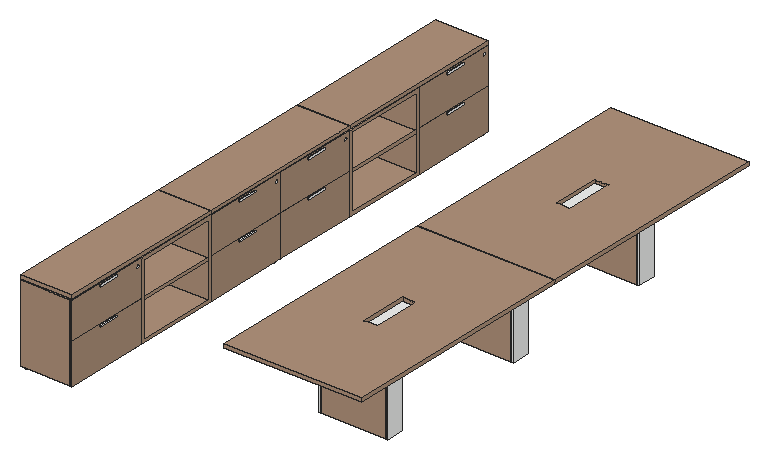
Revit family "Expansion_Casegoods-Meeting_04-Teknion-R2019", category Furniture Systems, Revit 2019
Family settings
  Round Connector Dimension = Use Diameter
  Part Type = Normal
  OmniClass Number = 23.40.70.14.64.21
  OmniClass Title = Systems Furniture
  Work Plane-Based = No
  Always vertical = Yes
  Cut with Voids When Loaded = No
  Shared = Yes
  Room Calculation Point = No
Parameters (values of type "Meeting 04")
  Warranty = "http://www.teknion.com/ca/papers/legal-canada"
  Unit Weight URL = "http://www.teknion.com/ca/tools/assets#&asset=bee6a381-b954-425e-8283-5a2de3a804f2,f828d448-4b62-4231-9e5f-9a8991c0ed77"
  URL = "www.teknion.com"
  To render please download texture images found here [instance] = "https://assets.teknion.com/web/5e81352c1dfdb467/revit-material-swatches/"
  Sustainability Data = "https://www.teknion.com/ca/tools/assets#&topic=216f99a5-57a0-44fc-b10a-9dee9b29ae4c&asset=444deb64-fe58-4b68-981e-f75e97781df7,b4ff2d81-9f2e-437d-9659-7cffb09c31cf"
  Series = "Expansion Casegoods"  # constant formula
  Product Page URL = "https://teknionplanningtool.com/#?Meeting-04-ExpCasegoods"
  Product Line = "Expansion Casegoods"  # constant formula
  Model = "Expansion Casegoods Meeting 04 Layout"
  Material Finish Note [instance] = "Click on Edit Family to change the finishes."  # constant formula
  Manufacturer Phone = "416-661-3370"  # constant formula
  Manufacturer Fax = "416.661.4586"  # constant formula
  Manufacturer Contact Information = "http://www.teknion.com/ca/contactus"
  Manufacturer Address = "1150 Flint Road, Toronto, ON. M3J 2J5. Canada"  # constant formula
  Manufacturer = "Teknion"  # constant formula
  How To Use Teknion Materials User Guide [instance] = "https://assets.teknion.com/m/205dd0a49fa58060/original/How-to-add-a-Material-Library-and-Texture-Images-to-your-Revit-project.pdf"
  For Additional Finishes please visit [instance] = "https://assets.teknion.com/m/44a8009b046e5d47/original/Teknion_Materials_Library.zip"
  Description = "10'-6” x 15'-0”"
  Assembly Code = "E2020200"
Reference planes (in)
  plane 1 "Center F/B": y = 14.38431
  plane 2: z = 0
  plane 3 "Center L/R": x = -1.36864
  plane 4 "Top": z = 29
  plane 5: x = -58.72963
  plane 6: y = -75.61569
  plane 7: y = 104.38431
  plane 8: x = 55.99234
Dimensions and locks (in)
  locked: plane 4 "Top" to level at 29
  equal spacing: plane 5, plane 3 "Center L/R", plane 8
  equal spacing: plane 6, plane 1 "Center F/B", plane 7
  aligned and locked: level to plane 2
Nested families (in)
  nested 1: "Storage-Freestanding-Teknion-BSLFS_Lateral_File-R2019" at (-49.72963, -60.61569, 0) x (0, 1, 0) z (0, 0, 1), type "Two Drawers"
    with Width 30.000", To render please download texture images found here "https://assets.teknion.com/web/5e81352c1dfdb467/revit-material-swatches/", Pull Finish Mica - Teknion - V - Satin - Very White, Lateral File Trim Finish Source Laminate - Teknion - 3M - Provincial Oak, How to Add Texture Images to your Revit Project "https://assets.teknion.com/m/205dd0a49fa58060/original/How-to-add-a-Material-Library-and-Texture-Images-to-your-Revit-project.pdf", For Additional Finishes please visit "https://assets.teknion.com/m/44a8009b046e5d47/original/Teknion_Materials_Library.zip", Drawer Front Finish Source Laminate - Teknion - 3M - Provincial Oak, Depth 18.000", Case Finish Source Laminate - Teknion - 3M - Provincial Oak, Available Widths "24, 30, 36 inches.", Available Depths "18, 24 inches.", Actual Height 27.441"
  nested 2: "Storage-Freestanding-Teknion-BSOB_Bookcase-R2019" at (-58.72963, -30.61569, 0) x (0, 1, 0) z (0, 0, 1), type "28" Height"
    with Width 30.000", To render please download texture images found here "https://assets.teknion.com/web/5e81352c1dfdb467/revit-material-swatches/", How To Use Teknion Materials User Guide "https://assets.teknion.com/m/205dd0a49fa58060/original/How-to-add-a-Material-Library-and-Texture-Images-to-your-Revit-project.pdf", For Additional Finishes please visit "https://assets.teknion.com/m/44a8009b046e5d47/original/Teknion_Materials_Library.zip", Depth 18.000", Case Finish Source Laminate - Teknion - 3M - Provincial Oak, Available Widths "24\", 30\", or 36\"", Available Depths "12\", 18\", 20\", or 24\""
  nested 3: "Storage-Freestanding-Teknion-BSLFS_Lateral_File-R2019" at (-49.72963, -0.61569, 0) x (0, 1, 0) z (0, 0, 1), type "Two Drawers"
    with Width 30.000", To render please download texture images found here "https://assets.teknion.com/web/5e81352c1dfdb467/revit-material-swatches/", Pull Finish Mica - Teknion - V - Satin - Very White, Lateral File Trim Finish Source Laminate - Teknion - 3M - Provincial Oak, How to Add Texture Images to your Revit Project "https://assets.teknion.com/m/205dd0a49fa58060/original/How-to-add-a-Material-Library-and-Texture-Images-to-your-Revit-project.pdf", For Additional Finishes please visit "https://assets.teknion.com/m/44a8009b046e5d47/original/Teknion_Materials_Library.zip", Drawer Front Finish Source Laminate - Teknion - 3M - Provincial Oak, Depth 18.000", Case Finish Source Laminate - Teknion - 3M - Provincial Oak, Available Widths "24, 30, 36 inches.", Available Depths "18, 24 inches.", Actual Height 27.441"
  nested 4: "Storage-Freestanding-Teknion-BSLFS_Lateral_File-R2019" at (-49.72963, 29.38431, 0) x (0, 1, 0) z (0, 0, 1), type "Two Drawers"
    with Width 30.000", To render please download texture images found here "https://assets.teknion.com/web/5e81352c1dfdb467/revit-material-swatches/", Pull Finish Mica - Teknion - V - Satin - Very White, Lateral File Trim Finish Source Laminate - Teknion - 3M - Provincial Oak, How to Add Texture Images to your Revit Project "https://assets.teknion.com/m/205dd0a49fa58060/original/How-to-add-a-Material-Library-and-Texture-Images-to-your-Revit-project.pdf", For Additional Finishes please visit "https://assets.teknion.com/m/44a8009b046e5d47/original/Teknion_Materials_Library.zip", Drawer Front Finish Source Laminate - Teknion - 3M - Provincial Oak, Depth 18.000", Case Finish Source Laminate - Teknion - 3M - Provincial Oak, Available Widths "24, 30, 36 inches.", Available Depths "18, 24 inches.", Actual Height 27.441"
  nested 5: "Storage-Freestanding-Teknion-BSOB_Bookcase-R2019" at (-58.72963, 59.38431, 0) x (0, 1, 0) z (0, 0, 1), type "28" Height"
    with Width 30.000", To render please download texture images found here "https://assets.teknion.com/web/5e81352c1dfdb467/revit-material-swatches/", How To Use Teknion Materials User Guide "https://assets.teknion.com/m/205dd0a49fa58060/original/How-to-add-a-Material-Library-and-Texture-Images-to-your-Revit-project.pdf", For Additional Finishes please visit "https://assets.teknion.com/m/44a8009b046e5d47/original/Teknion_Materials_Library.zip", Depth 18.000", Case Finish Source Laminate - Teknion - 3M - Provincial Oak, Available Widths "24\", 30\", or 36\"", Available Depths "12\", 18\", 20\", or 24\""
  nested 6: "Storage-Freestanding-Teknion-BSLFS_Lateral_File-R2019" at (-49.72963, 89.38431, 0) x (0, 1, 0) z (0, 0, 1), type "Two Drawers"
    with Width 30.000", To render please download texture images found here "https://assets.teknion.com/web/5e81352c1dfdb467/revit-material-swatches/", Pull Finish Mica - Teknion - V - Satin - Very White, Lateral File Trim Finish Source Laminate - Teknion - 3M - Provincial Oak, How to Add Texture Images to your Revit Project "https://assets.teknion.com/m/205dd0a49fa58060/original/How-to-add-a-Material-Library-and-Texture-Images-to-your-Revit-project.pdf", For Additional Finishes please visit "https://assets.teknion.com/m/44a8009b046e5d47/original/Teknion_Materials_Library.zip", Drawer Front Finish Source Laminate - Teknion - 3M - Provincial Oak, Depth 18.000", Case Finish Source Laminate - Teknion - 3M - Provincial Oak, Available Widths "24, 30, 36 inches.", Available Depths "18, 24 inches.", Actual Height 27.441"
  nested 7: "Storage-Freestanding-Teknion-B_STR_Top for Solid-R2019" at (-49.72963, -63.61569, 27.441) x (0, 1, 0) z (0, 0, 1), type "1-3/6" Thick WS"
    with Width 60.000", Finish Source Laminate - Teknion - 3M - Provincial Oak (Cross Grain), Depth 18.000", Available Widths "15, 24, 30, 31, 36, 42, 48, 54, 60, 66, 72, 78, or 84 inches.", Available Depths "12, 18, 22, 24, 30 inches."
  nested 8: "Storage-Freestanding-Teknion-B_STR_Top for Solid-R2019" at (-49.72963, -3.61569, 27.441) x (0, 1, 0) z (0, 0, 1), type "1-3/6" Thick WS"
    with Width 60.000", Finish Source Laminate - Teknion - 3M - Provincial Oak (Cross Grain), Depth 18.000", Available Widths "15, 24, 30, 31, 36, 42, 48, 54, 60, 66, 72, 78, or 84 inches.", Available Depths "12, 18, 22, 24, 30 inches."
  nested 9: "Storage-Freestanding-Teknion-B_STR_Top for Solid-R2019" at (-49.72963, 56.38431, 27.441) x (0, 1, 0) z (0, 0, 1), type "1-3/6" Thick WS"
    with Width 60.000", Finish Source Laminate - Teknion - 3M - Provincial Oak (Cross Grain), Depth 18.000", Available Widths "15, 24, 30, 31, 36, 42, 48, 54, 60, 66, 72, 78, or 84 inches.", Available Depths "12, 18, 22, 24, 30 inches."
  nested 10: "Tables-Meeting-Teknion-BC_CHP_Height_Adjustable_Conference_Table_Panel_Bases-R2019" at (32.11234, 12.53324, 0) x (0, 1, 0) z (0, 0, 1), type "1 3/16" Worksurface Thickness, Standard Range, 48" Depth"
    with Worksurface Finish Source Laminate - Teknion - 3M - Provincial Oak (Cross Grain), Width 168.000", Two Sections no, To render please download texture images found here "https://assets.teknion.com/web/5e81352c1dfdb467/revit-material-swatches/", Three Sections yes, Support Finish Paint - Teknion - Mica - Very White, Straight Corner yes, Round Corner Offset 0.500", Radius Corner no, Power Pill Quad no, Power Pill Cut-Out Options "Select one of the options below. Linear Power Module Extended 18\" is not available with 156\" and 168\" Width options.", Power 0.500", No Cut-Out no, Linear Power Module Standard 18" yes, Linear Power Module Extended  28" no, Linear 28 0.500", Linear 18 4.000", Leg Offset 29.112", How To Use Teknion Materials User Guide "https://assets.teknion.com/m/205dd0a49fa58060/original/How-to-add-a-Material-Library-and-Texture-Images-to-your-Revit-project.pdf", Height 29.000", For Additional Finishes please visit "https://assets.teknion.com/m/44a8009b046e5d47/original/Teknion_Materials_Library.zip", Corner Detail Option "Select one of the options below", Base Infill Finish Source Laminate - Teknion - 3M - Provincial Oak, Available Widths "108\", 120\", 132\", 144\", 156\", or 168\"", Available Heights "Standard Range - 28\" to 43\"", Actual Width 167.160"
Definition of nested family "Storage-Freestanding-Teknion-BSLFS_Lateral_File-R2019"
  Parameters (values of type "Four Drawers")
    Width [instance] = 24.000"
    Warranty = "http://www.teknion.com/legal/warranty.pdf"
    Unit Weight URL = "http://www.teknion.com/pricing/expansion-casegoods/pdfs/wv.pdf"
    URL = "http://www.teknion.com/"
    Two Drawers Hole Depth = if(or(Two Drawers, Three Drawers, Four Drawers), 2.701", 0.500")  # 2.701"
    Two Drawers = if(or(Three Drawers, Four Drawers), 1 > 2, 1 < 2)  # no
    To render please download texture images found here [instance] = "https://assets.teknion.com/web/5e81352c1dfdb467/revit-material-swatches/"
    Three Drawers Hole Depth = if(or(Three Drawers, Four Drawers), 2.701", 0.500")  # 2.701"
    Three Drawers = no
    Sustainability Data = "http://www.teknion.com/about-teknion/environment/datasheets.asp"
    Second Drawer from Top = or(Three Drawers, Four Drawers)  # yes
    Pull Finish [instance] = none
    Product Page URL = "https://www.teknion.com/ca/products/product-details?productlineid=0053336e-8e7a-673b-a6c8-ff00004460c4"
    Product Line = "Expansion Casegoods"  # constant formula
    Product Documentation Link = "http://www.teknion.com/pricing/expansion-casegoods/pdfs/BSLFS_ppg.pdf"
    Part Number = "BSLFS"  # constant formula
    Model = "BSLFSP18__53"
    Manufacturer Phone = "416-661-3370"
    Manufacturer Fax = "416.661.4586"
    Manufacturer Contact Information = "http://www.teknion.com/contact/contactus.asp"
    Manufacturer Address = "1150 Flint Road, Toronto, ON. M3J 2J5. Canada"
    Manufacturer = "Teknion"  # constant formula
    Lateral File Trim Finish [instance] = none
    How to Add Texture Images to your Revit Project [instance] = "https://assets.teknion.com/m/205dd0a49fa58060/original/How-to-add-a-Material-Library-and-Texture-Images-to-your-Revit-project.pdf"
    Four Drawers = yes
    Four Drawer Hole Depth = if(Four Drawers, 2.701", 0.500")  # 2.701"
    For Additional Finishes please visit [instance] = "https://assets.teknion.com/m/44a8009b046e5d47/original/Teknion_Materials_Library.zip"
    Drawer Front Finish [instance] = none
    Description = "Lateral File, Pulls, Four Drawers, 18\" Depth, 53\" Height"
    Depth [instance] = 18.000"
    Case Finish [instance] = none
    Available Widths [instance] = "24, 30, 36 inches."  # constant formula
    Available Depths [instance] = if(Two Drawers, "18, 24 inches.", "18 inches.")  # "18 inches."
    Assembly Code = "E2020200"
    Actual Height [instance] = if(Two Drawers, 27.441", if(Three Drawers, 39.921", if(Four Drawers, 52.402", 27.441")))  # 52.402"
  Types (3): name | Two Drawers | Three Drawers Hole Depth | Three Drawers | Second Drawer from Top | Model | Four Drawers | Four Drawer Hole Depth | Description | Available Depths | Actual Height
    Two Drawers | yes | 0.500" | no | no | "BSLFSP____28" | no | 0.500" | "Lateral File, Pulls, Two Drawers, 28\" Height" | "18, 24 inches." | 27.441"
    Three Drawers | no | 2.701" | yes | yes | "BSLFSP18__40" | no | 0.500" | "Lateral File, Pulls, Three Drawers, 18\" Depth, 40\" Height" | "18 inches." | 39.921"
    Four Drawers | no | 2.701" | no | yes | "BSLFSP18__53" | yes | 2.701" | "Lateral File, Pulls, Four Drawers, 18\" Depth, 53\" Height" | "18 inches." | 52.402"
  Reference planes (in)
    plane 1 "Center F/B": y = 0
    plane 2 "Bottom": z = 0
    plane 3 "Center L/R": x = 0
    plane 4 "Left": x = -12
    plane 5 "Right": x = 12
    plane 6 "Back": y = 9
    plane 7 "Front": y = -9
    plane 8 "Top": z = 52.402
    plane 9: z = 0.60236
    plane 10 "Symbolic Representation Plane": z = 80
    plane 11: z = 14.90157
    plane 12: y = -8.299
    plane 13: y = -11
    plane 14: y = -9.05906
    plane 15: z = 27.38189
    plane 16: z = 39.87533
  Forms (in)
    Sweep 1, solid, material <- "Case Finish"
      path origin (0, 0, 0) x (1, 0, 0) y (0, 0, 1)
        loop
          line (0, 52.402) -> (0, 0.60236)
      profile origin (0, 0, 26.50218) x (0, -1, 0) y (1, 0, 0)
        loop
          line (-9, -12) -> (8.299, -12) -> (8.299, 12) -> (-9, 12) -> (-9, -12)
    Sweep 2, solid, material <- "Drawer Front Finish"
      path origin (0, 0, 0) x (1, 0, 0) y (0, 1, 0)
        loop
          line (12, 0) -> (-12, 0)
      profile origin (0, 0, 0) x (0, -1, 0) y (0, 0, 1)
        loop
          line (9, 0.60236) -> (9, 52.28383) -> (8.299, 52.28383) -> (8.299, 0.60236) -> (9, 0.60236)
    Sweep 3, solid
      path origin (0, 0, 0) x (1, 0, 0) y (0, 0, 1)
        loop
          line (0, 0) -> (0, 0.60236)
      profile origin (0, 0, 0.30118) x (-1, 0, 0) y (0, -1, 0)
        loop
          circle (-10.74, -7.74814) r 0.5
        loop
          circle (-10.74, 7.74808) r 0.5
        loop
          circle (10.74, -7.74814) r 0.5
        loop
          circle (10.74, 7.74808) r 0.5
    Sweep 4, solid, material <- "Pull Finish"
      path origin (0, 0, 0) x (1, 0, 0) y (0, 1, 0)
        loop
          line (0, -9) -> (0, -9.75)
      profile origin (0, -9.375, 0) x (1, 0, 0) y (0, 0, 1)
        loop
          line (-3.5, 14.82332) -> (-3.5, 14.32283) -> (3.5, 14.32283) -> (3.5, 14.82332) -> (-3.5, 14.82332)
        loop
          line (-3.5, 27.30132) -> (-3.5, 26.80315) -> (3.5, 26.80315) -> (3.5, 27.30132) -> (-3.5, 27.30132)
    Extrusion 5, void
      sketch origin (60, -9, 48) x (-1, 0, 0) y (0, 0, 1)
        loop
          line (72, -33.03937) -> (48, -33.03937) -> (48, -33.15748) -> (72, -33.15748) -> (72, -33.03937)
      from 0.701 to -2
    Extrusion 6, void
      sketch origin (60, -9, 60.48031) x (-1, 0, 0) y (0, 0, 1)
        loop
          line (72, -33.03937) -> (48, -33.03937) -> (48, -33.15748) -> (72, -33.15748) -> (72, -33.03937)
      from 0.701 to -2
    Sweep 7, solid, material <- "Pull Finish", visible <- "Second Drawer from Top"
      path origin (0, 0, 12.48) x (1, 0, 0) y (0, 1, 0)
        loop
          line (0, -9) -> (0, -9.75)
      profile origin (0, -9.375, 12.48) x (1, 0, 0) y (0, 0, 1)
        loop
          line (-3.5, 27.30347) -> (-3.5, 26.80529) -> (3.5, 26.80529) -> (3.5, 27.30347) -> (-3.5, 27.30347)
    Extrusion 8, solid, material <- "Pull Finish"
      sketch origin (60, -9, 60.48) x (1, 0, 0) y (0, 0, 1)
        loop
          line (-49.89961, -9.74181) -> (-49.89961, -10.11583) -> (-49.80118, -10.11583) -> (-49.80118, -9.74181) -> (-49.89961, -9.74181)
        loop
          circle (-49.85039, -9.92882) r 0.39512
      from 0 to 0.05906
    Sweep 9, solid, material <- "Pull Finish", visible <- "Four Drawers"
      path origin (0, 0, 24.96) x (1, 0, 0) y (0, 1, 0)
        loop
          line (0, -9) -> (0, -9.75)
      profile origin (0, -9.375, 24.96) x (1, 0, 0) y (0, 0, 1)
        loop
          line (-3.5, 27.30195) -> (-3.5, 26.80378) -> (3.5, 26.80378) -> (3.5, 27.30195) -> (-3.5, 27.30195)
    Extrusion 10, void
      sketch origin (60, -9, 72.96063) x (-1, 0, 0) y (0, 0, 1)
        loop
          line (72, -33.02625) -> (48, -33.02625) -> (48, -33.14436) -> (72, -33.14436) -> (72, -33.02625)
      from 0.701 to -2
  Cuts and joins
    Extrusion 6, Extrusion 10 cuts Sweep 1
    Extrusion 5, Extrusion 6, Extrusion 10 cuts Sweep 2
  Lines and regions (in)
    Masking region 1
      outline origin (0, 0, 52.402) x (-1, 0, 0) y (0, -1, 0)
        loop
          line (12, -9) -> (12, 9) -> (-12, 9) -> (-12, -9) -> (12, -9)
    Masking region 2
      outline origin (0, 0, 52.402) x (-1, 0, 0) y (0, -1, 0)
        loop
          line (3.5, 9.75) -> (-3.5, 9.75) -> (-3.5, 9) -> (3.5, 9) -> (3.5, 9.75)
    Masking region 3
      outline origin (0, 0, 0) x (1, 0, 0) y (0, 1, 0)
        loop
          line (10.54473, -9) -> (9.75448, -9) -> (9.75448, -9.05906) -> (10.54473, -9.05906) -> (10.54473, -9)
    symbolic lines
      curve 1: line (12, -8.299, 52.402) -> (-12, -8.299, 52.402)
    symbolic lines, detail levels fine
      curve 2: arc (-10.24, -7.74808, 0) -> (-10.74, -7.24808, 0) -> (-11.24, -7.74808, 0) r 0.5
      curve 3: arc (-11.24, -7.74808, 0) -> (-10.74, -8.24808, 0) -> (-10.24, -7.74808, 0) r 0.5
      curve 4: arc (-10.24, 7.74814, 0) -> (-10.74, 8.24814, 0) -> (-11.24, 7.74814, 0) r 0.5
      curve 5: arc (-11.24, 7.74814, 0) -> (-10.74, 7.24814, 0) -> (-10.24, 7.74814, 0) r 0.5
      curve 6: arc (11.24, 7.74814, 0) -> (10.74, 8.24814, 0) -> (10.24, 7.74814, 0) r 0.5
      curve 7: arc (10.24, 7.74814, 0) -> (10.74, 7.24814, 0) -> (11.24, 7.74814, 0) r 0.5
      curve 8: arc (11.24, -7.74808, 0) -> (10.74, -7.24808, 0) -> (10.24, -7.74808, 0) r 0.5
      curve 9: arc (10.24, -7.74808, 0) -> (10.74, -8.24808, 0) -> (11.24, -7.74808, 0) r 0.5
    reference lines, not visible
      curve 10: line (-12, 9, 0) -> (12, 9, 0)
      curve 11: line (-12, 9, 0) -> (-12, -9, 0)
      curve 12: line (12, -9, 0) -> (-12, -9, 0)
      curve 13: line (12, 9, 0) -> (12, -9, 0)
  Dimensions and locks (in)
    "Actual Height": plane 8 "Top" to level
    equal spacing: plane 4 "Left", plane 3 "Center L/R", plane 5 "Right"
    "Width": plane 4 "Left" to plane 5 "Right"
    equal spacing: plane 6 "Back", plane 1 "Center F/B", plane 7 "Front"
    "Depth": plane 6 "Back" to plane 7 "Front"
    locked: plane 9 to level at 0.60236
    locked: Sweep 1 sketch curve to plane 7 "Front" at 0.701
    locked: Sweep 2 sketch curve to plane 8 "Top" at 0.11817
    locked: plane 6 "Back" to Sweep 3 sketch curve at 1.25186  (x2)
    locked: Sweep 3 sketch curve to plane 5 "Right" at 1.26  (x2)
    locked: plane 4 "Left" to Sweep 3 sketch curve at 1.26  (x2)
    locked: plane 7 "Front" to Sweep 3 sketch curve at 1.25192  (x2)
    Sweep 4 sketch curve to plane 7 "Front" = 0.750"
    locked: Sweep 4 sketch curve to Sweep 4 sketch curve at 7
    equal spacing: Sweep 4 sketch curve, plane 3 "Center L/R", Sweep 4 sketch curve
    locked: Sweep 4 sketch curve to level at 14.32283
    locked: Sweep 4 sketch curve to level at 14.82332
    locked: Sweep 4 sketch curve to level at 26.80315
    locked: Sweep 4 sketch curve to level at 27.30132
    locked: plane 10 "Symbolic Representation Plane" to level at 80
    plane 11 to plane 2 "Bottom" = 14.90157"
    Extrusion 5 sketch curve to plane 11 to Extrusion 5 sketch curve = 0.05906" locked, 0.05906" locked
    locked: plane 12 to plane 7 "Front" at 0.701
    "Two Drawers Hole Depth": Extrusion 5 to plane 13
    locked: plane 7 "Front" to plane 13 at 2
    locked: plane 14 to plane 7 "Front" at 0.05906
    Extrusion 6 sketch curve to plane 15 to Extrusion 6 sketch curve = 0.05906" locked, 0.05906" locked
    locked: plane 15 to level at 27.38189
    "Three Drawers Hole Depth": Extrusion 6 to plane 13
    Sweep 7 sketch curve to Sweep 7 sketch curve to plane 2 "Bottom" = 0.49817" locked, 39.28529" locked
    Sweep 7 sketch curve to plane 3 "Center L/R" to Sweep 7 sketch curve = 3.500" locked, 3.500" locked
    plane 5 "Right" to Extrusion 8 sketch curve to Extrusion 8 sketch curve to Extrusion 8 sketch curve = 1.80118" locked, 0.04921" locked, 0.04921" locked
    Extrusion 8 sketch curve to Extrusion 8 sketch curve to Extrusion 8 sketch curve to plane 8 "Top" = 0.18701" locked, 0.18701" locked, 1.66381" locked
    Sweep 9 sketch curve to plane 3 "Center L/R" to Sweep 9 sketch curve = 3.500" locked, 3.500" locked
    plane 8 "Top" to Sweep 9 sketch curve to Sweep 9 sketch curve = 0.14005" locked, 0.49817" locked
    Extrusion 10 sketch curve to plane 16 to Extrusion 10 sketch curve = 0.05906" locked, 0.05906" locked
    locked: plane 16 to plane 2 "Bottom" at 39.87533
    "Four Drawer Hole Depth": Extrusion 10 to plane 13
    Masking region 3 sketch curve to Masking region 3 sketch curve to plane 5 "Right" = 0.79025" locked, 1.45527" locked
    aligned and locked: level to plane 2 "Bottom"
    aligned and locked: plane 8 "Top" to Sweep 1 sketch curve
    aligned and locked: plane 9 to Sweep 1 sketch curve
    aligned and locked: Sweep 1 sketch curve to plane 3 "Center L/R"
    aligned and locked: plane 6 "Back" to Sweep 1 sketch curve
    aligned and locked: Sweep 1 sketch curve to plane 4 "Left"
    aligned and locked: plane 5 "Right" to Sweep 1 sketch curve
    aligned and locked: Sweep 2 sketch curve to plane 1 "Center F/B"
    aligned and locked: Sweep 2 sketch curve to plane 7 "Front"
    aligned and locked: level to Sweep 3 sketch curve
    aligned and locked: Sweep 3 sketch curve to Sweep 1
    aligned and locked: plane 3 "Center L/R" to Sweep 3 sketch curve
    aligned and locked: Sweep 4 sketch curve to plane 3 "Center L/R"
    aligned and locked: Sweep 4 sketch curve to Sweep 4 sketch curve  (x2)
    aligned and locked: Masking region 1 sketch curve to Sweep 1  (x2)
    aligned and locked: Masking region 1 sketch curve to Sweep 2
    aligned and locked: curve 1 to Sweep 2
    aligned and locked: plane 5 "Right" to curve 1
    aligned and locked: plane 4 "Left" to curve 1
    aligned and locked: plane 4 "Left" to Extrusion 5 sketch curve
    aligned and locked: Extrusion 5 sketch curve to plane 5 "Right"
    aligned and locked: plane 13 to Extrusion 5
    aligned and locked: plane 4 "Left" to Sweep 2 sketch curve
    aligned and locked: plane 5 "Right" to Sweep 2 sketch curve
    aligned and locked: plane 5 "Right" to Extrusion 6 sketch curve
    aligned and locked: Extrusion 6 to plane 13
    aligned and locked: Extrusion 10 sketch curve to plane 5 "Right"
    aligned and locked: plane 4 "Left" to Extrusion 10 sketch curve
    aligned and locked: plane 4 "Left" to Extrusion 6 sketch curve
    aligned and locked: Extrusion 10 to plane 13
    aligned and locked: curve 2 to Sweep 3
    aligned and locked: curve 3 to Sweep 3
    aligned and locked: curve 4 to Sweep 3
    aligned and locked: curve 5 to Sweep 3
    aligned and locked: curve 6 to Sweep 3
    aligned and locked: curve 7 to Sweep 3
    aligned and locked: curve 8 to Sweep 3
    aligned and locked: curve 9 to Sweep 3
    aligned and locked: plane 14 to Extrusion 8
    aligned and locked: Extrusion 8 to plane 7 "Front"
    aligned and locked: curve 10 to plane 6 "Back"
    aligned and locked: curve 11 to plane 4 "Left"
    aligned and locked: curve 12 to plane 7 "Front"
    aligned and locked: curve 13 to plane 5 "Right"
    aligned and locked: Masking region 3 sketch curve to Extrusion 8  (x2)
    aligned and locked: plane 9 to Sweep 2 sketch curve
  Automatic sketch dimensions
    Sweep 2 sketch curve to Sweep 2 sketch curve = 0.701"
    plane 7 "Front" to Sweep 4 sketch curve = 0.000"
    plane 7 "Front" to Masking region 1 sketch curve = 0.000"
    plane 7 "Front" to Masking region 2 sketch curve = 0.000"
    plane 14 to Masking region 2 sketch curve = 0.69094"
    plane 3 "Center L/R" to Masking region 2 sketch curve = 3.500"
    Masking region 2 sketch curve to plane 3 "Center L/R" = 3.500"
    Sweep 7 sketch curve to plane 3 "Center L/R" = 0.000"
    plane 7 "Front" to Sweep 7 sketch curve = 0.000"
    plane 14 to Sweep 7 sketch curve = 0.69094"
    Sweep 9 sketch curve to plane 3 "Center L/R" = 0.000"
    plane 7 "Front" to Sweep 9 sketch curve = 0.000"
    plane 14 to Sweep 9 sketch curve = 0.69094"
    radius of Sweep 3 sketch curve = 0.500"  (x4)
    radius of Extrusion 8 sketch curve = 0.39512"
Definition of nested family "Storage-Freestanding-Teknion-BSOB_Bookcase-R2019"
  Parameters (values of type "72" Height")
    Width [instance] = 24.000"
    Warranty = "http://www.teknion.com/ca/papers/legal-canada"
    Unit Weight URL = "http://www.teknion.com/ca/tools/assets#&asset=bee6a381-b954-425e-8283-5a2de3a804f2,f828d448-4b62-4231-9e5f-9a8991c0ed77"
    URL = "www.teknion.com"
    To render please download texture images found here [instance] = "https://assets.teknion.com/web/5e81352c1dfdb467/revit-material-swatches/"
    Sustainability Data = "http://www.teknion.com/ca/tools/assets#&topic=216f99a5-57a0-44fc-b10a-9dee9b29ae4c&asset=444deb64-fe58-4b68-981e-f75e97781df7"
    Shelf Offset = if(Height = 39.921", 11.583", if(Height = 52.402", 17.882", if(Height = 65.374", 14.102", if(Height = 71.626", 12.843", 11.583"))))  # 12.843"
    Shelf #4 Visibility = if(or(Height = 27.441", Height = 39.921", Height = 52.402", Height = 65.374"), 1 > 2, 1 < 2)  # yes
    Shelf #3 Visibility = if(or(Height = 27.441", Height = 39.921", Height = 52.402"), 1 > 2, 1 < 2)  # yes
    Shelf #2 Visibility = if(Height = 27.441", 1 > 2, 1 < 2)  # yes
    Series = "Expansion Casegoods"  # constant formula
    Product Page URL = "http://www.teknion.com/ca/products/product-details?productlineid=0053336e-8e7a-673b-a6c8-ff00004460c4"
    Product Line = "Expansion Casegoods"  # constant formula
    Product Documentation Link = "http://www.teknion.com/pricing/expansion-casegoods/pdfs/BSOB_ppg.pdf"
    Part Number = "BSOB"  # constant formula
    Model = "BSOB____72"
    Manufacturer Phone = "416-661-3370"  # constant formula
    Manufacturer Fax = "416.661.4586"  # constant formula
    Manufacturer Contact Information = "http://www.teknion.com/ca/contactus"
    Manufacturer Address = "1150 Flint Road, Toronto, ON. M3J 2J5. Canada"  # constant formula
    Manufacturer = "Teknion"  # constant formula
    How To Use Teknion Materials User Guide [instance] = "https://assets.teknion.com/m/205dd0a49fa58060/original/How-to-add-a-Material-Library-and-Texture-Images-to-your-Revit-project.pdf"
    Height = 71.626"
    For Additional Finishes please visit [instance] = "https://assets.teknion.com/m/44a8009b046e5d47/original/Teknion_Materials_Library.zip"
    Description = "Bookcase, 72\" Height"
    Depth [instance] = 12.000"
    Case Finish [instance] = none
    Available Widths [instance] = "24\", 30\", or 36\""  # constant formula
    Available Depths [instance] = "12\", 18\", 20\", or 24\""  # constant formula
    Assembly Code = "E2020200"
  Types (5): name | Shelf Offset | Shelf #4 Visibility | Shelf #3 Visibility | Shelf #2 Visibility | Model | Height | Description
    72" Height | 12.843" | yes | yes | yes | "BSOB____72" | 71.626" | "Bookcase, 72\" Height"
    28" Height | 11.583" | no | no | no | "BSOB____28" | 27.441" | "Bookcase, 28\" Height"
    40" Height | 11.583" | no | no | yes | "BSOB____40" | 39.921" | "Bookcase, 40\" Height"
    53" Height | 17.882" | no | no | yes | "BSOB____53" | 52.402" | "Bookcase, 53\" Height"
    66" Height | 14.102" | no | yes | yes | "BSOB____66" | 65.374" | "Bookcase, 66\" Height"
  Reference planes (in)
    plane 1 "Back": y = 0
    plane 2: z = 0
    plane 3 "Center Left/Right": x = 0
    plane 4 "Left": x = -12
    plane 5 "Right": x = 12
    plane 6 "Center": y = -6
    plane 7 "Front": y = -12
    plane 8 "Top": z = 71.626
    plane 9: z = 0.60236
    plane 10: z = 1.61811
    plane 11: y = -1.01575
    plane 12: z = 70.61025
    plane 13: x = -10.98425
    plane 14: x = 10.98425
    plane 15: z = 14.72441
    plane 16: z = 13.70866
    plane 17: y = -11.803
    plane 18: z = 28.58316
    plane 19: z = 27.56741
    plane 20: z = 42.44191
    plane 21: z = 41.42616
    plane 22: z = 56.30065
    plane 23: z = 55.28491
  Forms (in)
    Extrusion 1, solid, material <- "Case Finish"
      sketch origin (0, 0, 0) x (1, 0, 0) y (0, 0, 1)
        loop
          line (-12, 71.626) -> (-12, 0.60236) -> (12, 0.60236) -> (12, 71.626) -> (-12, 71.626)
        loop
          line (10.98425, 1.61811) -> (10.98425, 70.61025) -> (-10.98425, 70.61025) -> (-10.98425, 1.61811) -> (10.98425, 1.61811)
      from 0 to 12
    Extrusion 2, solid
      sketch origin (0, 0, 0) x (1, 0, 0) y (0, 1, 0)
        loop
          circle (11.49197, -1.49453) r 0.5
      from 0 to 0.60236
    Extrusion 3, solid, material <- "Case Finish"
      sketch origin (10.92425, -180, 13.70866) x (0, -1, 0) y (-1, 0, 0)
        loop
          line (-168.197, -0.06) -> (-168.197, 21.9085) -> (-178.98425, 21.9085) -> (-178.98425, -0.06) -> (-168.197, -0.06)
      from 0 to -1.01575
    Extrusion 4, solid
      sketch origin (0, -11.9375, 0) x (1, 0, 0) y (0, 1, 0)
        loop
          circle (11.49197, 1.49453) r 0.5
      from 0 to 0.60236
    Extrusion 5, solid
      sketch origin (0, -11.9375, 0) x (-1, 0, 0) y (0, -1, 0)
        loop
          circle (11.49197, -1.49453) r 0.5
      from 0 to 0.60236
    Extrusion 6, solid
      sketch origin (0, 0, 0) x (-1, 0, 0) y (0, -1, 0)
        loop
          circle (11.49197, 1.49453) r 0.5
      from 0 to 0.60236
    Extrusion 7, solid, material <- "Case Finish"
      sketch origin (10.92425, -180, 13.70866) x (0, -1, 0) y (-1, 0, 0)
        loop
          line (-180, 21.9085) -> (-180, -0.06) -> (-178.98425, -0.06) -> (-178.98425, 21.9085) -> (-180, 21.9085)
      from -56.90159 to 12.09055
    Extrusion 8, solid, material <- "Case Finish", visible <- "Shelf #2 Visibility"
      sketch origin (10.92425, -180, 27.56741) x (0, -1, 0) y (-1, 0, 0)
        loop
          line (-168.197, -0.06) -> (-168.197, 21.9085) -> (-178.98425, 21.9085) -> (-178.98425, -0.06) -> (-168.197, -0.06)
      from 0 to -1.01575
    Extrusion 9, solid, material <- "Case Finish", visible <- "Shelf #3 Visibility"
      sketch origin (10.92425, -180, 38.90551) x (0, -1, 0) y (-1, 0, 0)
        loop
          line (-168.197, -0.06) -> (-168.197, 21.9085) -> (-178.98425, 21.9085) -> (-178.98425, -0.06) -> (-168.197, -0.06)
      from -2.52065 to -3.53639
    Extrusion 10, solid, material <- "Case Finish", visible <- "Shelf #4 Visibility"
      sketch origin (10.92425, -180, 51.50394) x (0, -1, 0) y (-1, 0, 0)
        loop
          line (-168.197, -0.06) -> (-168.197, 21.9085) -> (-178.98425, 21.9085) -> (-178.98425, -0.06) -> (-168.197, -0.06)
      from -3.78097 to -4.79672
  Lines and regions (in)
    Masking region 1
      outline origin (10.92425, -180, 13.70866) x (0, -1, 0) y (1, 0, 0)
        loop
          line (-180, 1.07575) -> (-180, -22.92425) -> (-168, -22.92425) -> (-168, 1.07575) -> (-180, 1.07575)
    symbolic lines, detail levels medium+fine
      curve 1: line (-10.98425, 0, 13.70866) -> (-10.98425, -12, 13.70866)
      curve 2: line (10.98425, -12, 13.70866) -> (10.98425, 0, 13.70866)
      curve 3: line (10.98425, -11.803, 13.70866) -> (-10.98425, -11.803, 13.70866)
      curve 4: line (10.98425, -1.01575, 13.70866) -> (-10.98425, -1.01575, 13.70866)
    symbolic lines, detail levels fine
      curve 5: arc (-10.99197, -10.44297, 13.70866) -> (-11.49197, -9.94297, 13.70866) -> (-11.99197, -10.44297, 13.70866) r 0.5
      curve 6: arc (-11.99197, -10.44297, 13.70866) -> (-11.49197, -10.94297, 13.70866) -> (-10.99197, -10.44297, 13.70866) r 0.5
      curve 7: arc (-10.99197, -1.49453, 13.70866) -> (-11.49197, -0.99453, 13.70866) -> (-11.99197, -1.49453, 13.70866) r 0.5
      curve 8: arc (-11.99197, -1.49453, 13.70866) -> (-11.49197, -1.99453, 13.70866) -> (-10.99197, -1.49453, 13.70866) r 0.5
      curve 9: arc (10.99197, -1.49453, 13.70866) -> (11.49197, -1.99453, 13.70866) -> (11.99197, -1.49453, 13.70866) r 0.5
      curve 10: arc (11.99197, -1.49453, 13.70866) -> (11.49197, -0.99453, 13.70866) -> (10.99197, -1.49453, 13.70866) r 0.5
      curve 11: arc (11.99197, -10.44297, 13.70866) -> (11.49197, -9.94297, 13.70866) -> (10.99197, -10.44297, 13.70866) r 0.5
      curve 12: arc (10.99197, -10.44297, 13.70866) -> (11.49197, -10.94297, 13.70866) -> (11.99197, -10.44297, 13.70866) r 0.5
    reference lines
      curve 13: line (-12, 0, 13.70866) -> (-12, -12, 13.70866)
      curve 14: line (12, 0, 13.70866) -> (-12, 0, 13.70866)
      curve 15: line (12, 0, 13.70866) -> (12, -12, 13.70866)
      curve 16: line (-12, -12, 13.70866) -> (12, -12, 13.70866)
  Dimensions and locks (in)
    "Width": plane 4 "Left" to plane 5 "Right"
    plane 6 "Center" to plane 7 "Front" = 6.000"
    "Height": plane 8 "Top" to level
    locked: plane 9 to plane 2 at 0.60236
    locked: plane 11 to plane 1 "Back" at 1.01575
    locked: plane 12 to plane 8 "Top" at 1.01575
    equal spacing: plane 5 "Right", plane 3 "Center Left/Right", plane 4 "Left"
    locked: plane 14 to plane 5 "Right" at 1.01575
    locked: plane 13 to plane 4 "Left" at 1.01575
    equal spacing: plane 7 "Front", plane 6 "Center", plane 1 "Back"
    "Depth": plane 7 "Front" to plane 1 "Back"
    plane 15 to plane 16 to plane 10 = 1.01575" locked, 12.09055" locked
    locked: Extrusion 2 sketch curve to plane 1 "Back" at 1.49453
    locked: Extrusion 2 sketch curve to plane 5 "Right" at 0.50803
    locked: plane 7 "Front" to plane 17 at 0.197
    locked: plane 7 "Front" to Extrusion 4 sketch curve at 1.55703
    locked: Extrusion 4 sketch curve to plane 5 "Right" at 0.50803
    locked: plane 7 "Front" to Extrusion 5 sketch curve at 1.55703
    locked: plane 4 "Left" to Extrusion 5 sketch curve at 0.50803
    locked: plane 4 "Left" to Extrusion 6 sketch curve at 0.50803
    locked: Extrusion 6 sketch curve to plane 1 "Back" at 1.49453
    equal spacing: plane 4 "Left", plane 3 "Center Left/Right", plane 5 "Right"
    locked: plane 18 to plane 19 at 1.01575
    "Shelf Offset": plane 19 to plane 15
    locked: plane 20 to plane 21 at 1.01575
    locked: plane 22 to plane 23 at 1.01575
    "Shelf Offset": plane 23 to plane 20
    "Shelf Offset": plane 21 to plane 18
    aligned and locked: level to plane 2
    aligned and locked: Extrusion 1 sketch curve to plane 4 "Left"
    aligned and locked: Extrusion 1 sketch curve to plane 8 "Top"
    aligned and locked: plane 5 "Right" to Extrusion 1 sketch curve
    aligned and locked: Extrusion 1 sketch curve to plane 9
    aligned and locked: Extrusion 1 sketch curve to plane 14
    aligned and locked: Extrusion 1 sketch curve to plane 12
    aligned and locked: Extrusion 1 sketch curve to plane 13
    aligned and locked: Extrusion 1 sketch curve to plane 10
    aligned and locked: Extrusion 1 to plane 1 "Back"
    aligned and locked: Extrusion 1 to plane 7 "Front"
    aligned and locked: Extrusion 2 to plane 2
    aligned and locked: Extrusion 2 to plane 9
    aligned and locked: plane 17 to Extrusion 3 sketch curve
    aligned and locked: plane 13 to Extrusion 3 sketch curve
    aligned and locked: plane 11 to Extrusion 3 sketch curve
    aligned and locked: plane 14 to Extrusion 3 sketch curve
    aligned and locked: Extrusion 3 to plane 15
    aligned and locked: plane 16 to Extrusion 3
    aligned and locked: plane 13 to Extrusion 7 sketch curve
    aligned and locked: plane 1 "Back" to Extrusion 7 sketch curve
    aligned and locked: plane 11 to Extrusion 7 sketch curve
    aligned and locked: plane 14 to Extrusion 7 sketch curve
    aligned and locked: Extrusion 7 to plane 12
    aligned and locked: plane 10 to Extrusion 7
    aligned and locked: Extrusion 6 to plane 9
    aligned and locked: Extrusion 5 to plane 9
    aligned and locked: Extrusion 4 to plane 9
    aligned and locked: Extrusion 5 to plane 2
    aligned and locked: Extrusion 4 to plane 2
    aligned and locked: Extrusion 6 to plane 2
    aligned and locked: Extrusion 8 to plane 18
    aligned and locked: plane 19 to Extrusion 8
    aligned and locked: Extrusion 8 to plane 13
    aligned and locked: Extrusion 8 to plane 14
    aligned and locked: Extrusion 9 to plane 13
    aligned and locked: Extrusion 9 to plane 14
    aligned and locked: plane 14 to Extrusion 10
    aligned and locked: Extrusion 10 to plane 13
    aligned and locked: plane 23 to Extrusion 10
    aligned and locked: Extrusion 10 to plane 22
    aligned and locked: plane 21 to Extrusion 9
    aligned and locked: Extrusion 9 to plane 20
    aligned and locked: Extrusion 10 to curve 3
    aligned and locked: curve 4 to Extrusion 7
    aligned and locked: curve 5 to Extrusion 5
    aligned and locked: curve 6 to Extrusion 5
    aligned and locked: curve 7 to Extrusion 6
    aligned and locked: curve 8 to Extrusion 6
    aligned and locked: curve 9 to Extrusion 2
    aligned and locked: curve 10 to Extrusion 2
    aligned and locked: curve 11 to Extrusion 4
    aligned and locked: curve 12 to Extrusion 4
    aligned and locked: Masking region 1 sketch curve to plane 1 "Back"
    aligned and locked: Masking region 1 sketch curve to plane 5 "Right"
    aligned and locked: Masking region 1 sketch curve to plane 7 "Front"
    aligned and locked: plane 4 "Left" to Masking region 1 sketch curve
    aligned and locked: Extrusion 7 to plane 11
    aligned and locked: plane 11 to Extrusion 10
    aligned and locked: plane 11 to Extrusion 9
    aligned and locked: plane 11 to Extrusion 8
    aligned and locked: plane 11 to Extrusion 3
    aligned and locked: curve 13 to plane 4 "Left"
    aligned and locked: curve 14 to plane 1 "Back"
    aligned and locked: curve 15 to plane 5 "Right"
    aligned and locked: curve 16 to plane 7 "Front"
  Automatic sketch dimensions
    plane 11 to Extrusion 8 sketch curve = 0.000"
    Extrusion 8 sketch curve to plane 13 = 0.000"
    plane 17 to Extrusion 8 sketch curve = 0.000"
    Extrusion 8 sketch curve to plane 14 = 0.000"
    plane 11 to Extrusion 9 sketch curve = 0.000"
    Extrusion 9 sketch curve to plane 13 = 0.000"
    plane 17 to Extrusion 9 sketch curve = 0.000"
    Extrusion 9 sketch curve to plane 14 = 0.000"
    plane 11 to Extrusion 10 sketch curve = 0.000"
    Extrusion 10 sketch curve to plane 13 = 0.000"
    plane 17 to Extrusion 10 sketch curve = 0.000"
    Extrusion 10 sketch curve to plane 14 = 0.000"
    plane 1 "Back" to curve 2 = 0.000"
    plane 1 "Back" to curve 1 = 0.000"
    plane 7 "Front" to curve 2 = 0.000"
    plane 7 "Front" to curve 1 = 0.000"
    curve 3 to plane 13 = 0.000"
    curve 3 to plane 14 = 0.000"
    radius of Extrusion 2 sketch curve = 0.500"
    radius of Extrusion 4 sketch curve = 0.500"
    radius of Extrusion 5 sketch curve = 0.500"
    radius of Extrusion 6 sketch curve = 0.500"
Definition of nested family "Storage-Freestanding-Teknion-B_STR_Top for Solid-R2019"
  Parameters (values of type "1" Thick WS")
    Worksurface Thickness = 1.01562"
    Width [instance] = 31.000"
    Warranty = "https://www.teknion.com/ca/warranty"
    Unit Weight URL = "http://www.teknion.com/pricing/expansion-casegoods/pdfs/wv.pdf"
    URL = "http://www.teknion.com/"
    Sustainability Data = "http://www.teknion.com/about-teknion/environment/datasheets.asp"
    Series = "Expansion Casegoods"  # constant formula
    Product Page URL = "https://www.teknion.com/ca/products/product-details?productlineid=0053336e-8e7a-673b-a6c8-ff00004460c4"
    Product Line = "Expansion Casegoods"  # constant formula
    Product Documentation Link = "http://www.teknion.com/pricing/Expansion-Casegoods/pdfs/B_STR_ppg.pdf"
    Part Number = "B_STR"
    Model = "BDSTR____"
    Manufacturer Phone = "416-661-3370"
    Manufacturer Fax = "416.661.4586"
    Manufacturer Contact Information = "https://www.teknion.com/contactus"
    Manufacturer Address = "1150 Flint Road, Toronto, ON. M3J 2J5. Canada"
    Manufacturer = "Teknion"  # constant formula
    Finish [instance] = none
    Description = "Top for Solid Storage (1\" Thick Worksurface)"
    Depth [instance] = 30.000"
    Default Elevation = 48.000"
    1-9/16" WS = no
    1-3/16" WS = no
    Available Widths [instance] = if(Depth = 12.000", "24, 30, and 36 inches.", if(or(Depth = 30.000", Depth = 22.000"), "15 or 31 inches.", if(and(Depth = 18.000", [1" WS]), "15, 24, 30, 31, 36, 42, 48, 54, 60, 66, or 72 inches.", if(and(Depth = 24.000", [1" WS]), "24, 30, 36, 42, 48, 54, 60, 66, or 72 inches.", if(and(Depth = 18.000", or([1-3/16" WS], [1-9/16" WS])), "15, 24, 30, 31, 36, 42, 48, 54, 60, 66, 72, 78, or 84 inches.", "24, 30, 36, 42, 48, 54, 60, 66, 72, 78, or 84 inches.")))))  # "15 or 31 inches."
    Available Depths [instance] = "12, 18, 22, 24, 30 inches."  # constant formula
    Assembly Code = "E2020200"
    1" WS = yes
  Types (3): name | Worksurface Thickness | Model | Description | 1-9/16" WS | 1-3/16" WS | 1" WS
    1" Thick WS | 1.01562" | "BDSTR____" | "Top for Solid Storage (1\" Thick Worksurface)" | no | no | yes
    1-3/6" Thick WS | 1.189" | "BMSTR____" | "Top for Solid Storage (1-3/16\" Thick Worksurface)" | no | yes | no
    1-9/16" Thick WS | 1.555" | "BXSTR____" | "Top for Solid Storage (1-9/16\" Thick Worksurface)" | yes | no | no
  Reference planes (in)
    plane 1 "Center F/B": y = -6
    plane 2: z = 0
    plane 3 "Center L/R": x = 3.5
    plane 4 "Left": x = -12
    plane 5 "Right": x = 19
    plane 6 "Back": y = 9
    plane 7 "Front": y = -21
    plane 8 "Top": z = 1.3424
    plane 9 "Bottom": z = 0.32677
    plane 10: y = 8.01575
    plane 11: x = -11.01575
    plane 12: y = -20.01575
    plane 13: x = 18.01575
    plane 14: z = 0
  Forms (in)
    Sweep 1, solid, material <- "Finish"
      path origin (0, -6, 0) x (1, 0, 0) y (0, 0, 1)
        loop
          line (3.5, 0.32677) -> (3.5, 1.3424)
      profile origin (3.5, -6, 0.83458) x (-1, 0, 0) y (0, -1, 0)
        loop
          line (15.5, -15) -> (15.5, 15) -> (-15.5, 15) -> (-15.5, -15) -> (15.5, -15)
    Extrusion 2, solid
      sketch origin (0, 0, 0) x (1, 0, 0) y (0, 1, 0)
        loop
          line (-11.01575, -20.01575) -> (18.01575, -20.01575) -> (18.01575, 8.01575) -> (-11.01575, 8.01575) -> (-11.01575, -20.01575)
      from 0 to 0.32677
  Lines and regions (in)
    Masking region 1
      outline origin (0, 0, 1.3424) x (-1, 0, 0) y (0, -1, 0)
        loop
          line (12, -9) -> (12, 21) -> (-19, 21) -> (-19, -9) -> (12, -9)
    symbolic lines, detail levels medium+fine
      curve 1: line (-11.01575, 8.01575, 0) -> (-11.01575, -20.01575, 0)
      curve 2: line (-11.01575, -20.01575, 0) -> (18.01575, -20.01575, 0)
      curve 3: line (18.01575, -20.01575, 0) -> (18.01575, 8.01575, 0)
      curve 4: line (18.01575, 8.01575, 0) -> (-11.01575, 8.01575, 0)
    reference lines, not visible
      curve 5: line (-12, 9, 0) -> (19, 9, 0)
      curve 6: line (-12, 9, 0) -> (-12, -21, 0)
      curve 7: line (19, -21, 0) -> (-12, -21, 0)
      curve 8: line (19, 9, 0) -> (19, -21, 0)
  Dimensions and locks (in)
    locked: plane 14 to level at 0
    equal spacing: plane 4 "Left", plane 3 "Center L/R", plane 5 "Right"
    "Width": plane 4 "Left" to plane 5 "Right"
    equal spacing: plane 6 "Back", plane 1 "Center F/B", plane 7 "Front"
    "Depth": plane 6 "Back" to plane 7 "Front"
    "Worksurface Thickness": plane 8 "Top" to plane 9 "Bottom"
    locked: plane 4 "Left" to plane 11 at 0.98425
    locked: plane 13 to plane 5 "Right" at 0.98425
    locked: plane 6 "Back" to plane 10 at 0.98425
    locked: plane 7 "Front" to plane 12 at 0.98425
    locked: plane 9 "Bottom" to plane 14 at 0.32677
    aligned and locked: level to plane 2
    aligned and locked: plane 9 "Bottom" to Sweep 1 sketch curve
    aligned and locked: plane 3 "Center L/R" to Sweep 1 sketch curve
    aligned and locked: plane 8 "Top" to Sweep 1 sketch curve
    aligned and locked: Sweep 1 sketch curve to plane 6 "Back"
    aligned and locked: Sweep 1 sketch curve to plane 4 "Left"
    aligned and locked: Sweep 1 sketch curve to plane 7 "Front"
    aligned and locked: Sweep 1 sketch curve to plane 5 "Right"
    aligned and locked: Masking region 1 sketch curve to Sweep 1  (x4)
    aligned and locked: Extrusion 2 sketch curve to plane 11
    aligned and locked: Extrusion 2 sketch curve to plane 10
    aligned and locked: Extrusion 2 sketch curve to plane 13
    aligned and locked: Extrusion 2 sketch curve to plane 12
    aligned and locked: Extrusion 2 to plane 9 "Bottom"
    aligned and locked: Extrusion 2 to plane 14
    aligned and locked: curve 5 to plane 6 "Back"
    aligned and locked: curve 6 to plane 4 "Left"
    aligned and locked: curve 7 to plane 7 "Front"
    aligned and locked: curve 8 to plane 5 "Right"
  Automatic sketch dimensions
    curve 1 to plane 11 = 0.000"
    curve 3 to plane 10 = 0.000"
    curve 3 to plane 12 = 0.000"
    curve 3 to plane 13 = 0.000"
Definition of nested family "Tables-Meeting-Teknion-BC_CHP_Height_Adjustable_Conference_Table_Panel_Bases-R2019"
  Parameters (values of type "1 3/16" Worksurface Thickness, Standard Range, 42" Depth")
    Worksurface Thickness = 1.189"
    Worksurface Finish [instance] = none
    Width [instance] = 168.000"
    Warranty = "http://www.teknion.com/ca/papers/legal-canada"
    Unit Weight URL = "http://www.teknion.com/ca/tools/assets#&asset=bee6a381-b954-425e-8283-5a2de3a804f2,f828d448-4b62-4231-9e5f-9a8991c0ed77"
    URL = "www.teknion.com"
    Two Sections [instance] = Width < 150.000"  # no
    To render please download texture images found here [instance] = "https://assets.teknion.com/web/5e81352c1dfdb467/revit-material-swatches/"
    Three Sections [instance] = not(Two Sections)  # yes
    Sustainability Data = "https://www.teknion.com/ca/tools/assets#&topic=216f99a5-57a0-44fc-b10a-9dee9b29ae4c&asset=444deb64-fe58-4b68-981e-f75e97781df7,b4ff2d81-9f2e-437d-9659-7cffb09c31cf"
    Support Finish [instance] = none
    Straight Corner [instance] = not(Radius Corner)  # yes
    Series = "Expansion Casegoods"  # constant formula
    Radius Corner [instance] = no
    Round Corner Offset [instance] = if(Radius Corner, 4.000", 0.500")  # 0.500"
    Product Page URL = "https://www.teknion.com/ca/products/product-details?productlineid=0053336e-8e7a-673b-a6c8-ff00004460c4"
    Product Line = "Expansion Casegoods"  # constant formula
    Product Documentation Link = "https://www.teknion.com/pricing/expansion-casegoods/pdfs/BC_CHP_ppg.pdf"
    Power Pill Quad [instance] = no
    Power Pill Cut-Out Options [instance] = "Select one of the options below. Linear Power Module Extended 18\" is not available with 156\" and 168\" Width options."  # constant formula
    Power [instance] = if(Power Pill Quad, 4.000", 0.500")  # 0.500"
    Part Number = "BC_CHP"  # constant formula
    No Cut-Out [instance] = not(or([Linear Power Module Extended  28"], [Linear Power Module Standard 18"], Power Pill Quad))  # yes
    Model = "BCMCHPS42_____"
    Manufacturer Phone = "416-661-3370"  # constant formula
    Manufacturer Fax = "416.661.4586"  # constant formula
    Manufacturer Contact Information = "http://www.teknion.com/ca/contactus"
    Manufacturer Address = "1150 Flint Road, Toronto, ON. M3J 2J5. Canada"  # constant formula
    Manufacturer = "Teknion"  # constant formula
    Linear Power Module Standard 18" [instance] = no
    Linear Power Module Extended  28" [instance] = no
    Linear 28 [instance] = if([Linear Power Module Extended  28"], 4.000", 0.500")  # 0.500"
    Linear 18 [instance] = if([Linear Power Module Standard 18"], 4.000", 0.500")  # 0.500"
    Leg Offset [instance] = if(Width = 108.000", 20.112", if(Width = 120.000", 21.112", if(Width = 132.000", 23.112", if(Width = 144.000", 27.112", if(Width = 156.000", 25.112", 29.112")))))  # 29.112"
    How To Use Teknion Materials User Guide [instance] = "https://assets.teknion.com/m/205dd0a49fa58060/original/How-to-add-a-Material-Library-and-Texture-Images-to-your-Revit-project.pdf"
    Height [instance] = 29.000"
    Frame Depth = if(Depth > 53.000", 40.819", 34.819")  # 34.819"
    For Additional Finishes please visit [instance] = "https://assets.teknion.com/m/44a8009b046e5d47/original/Teknion_Materials_Library.zip"
    Description = "Height-Adjustable Conference Table - Panel Base, 1 3/16\" Worksurface Thickness, Standard Range - 28\" to 43\", 42\" Depth"
    Depth = 41.790"
    Corner Detail Option [instance] = "Select one of the options below"  # constant formula
    Base Infill Finish [instance] = none
    Available Widths [instance] = if(Depth > 53.000", "120\", 132\", 144\", 156\", or 168\"", "108\", 120\", 132\", 144\", 156\", or 168\"")  # "108\", 120\", 132\", 144\", 156\", or 168\""
    Available Heights [instance] = "Standard Range - 28\" to 43\""  # constant formula
    Assembly Code = "E2020200"
    Actual Width [instance] = if(Width = 108.000", 107.460", if(Width = 120.000", 119.460", if(Width = 132.000", 131.340", if(Width = 144.000", 143.280", if(Width = 156.000", 155.220", 167.160")))))  # 167.160"
  Types (8): name | Worksurface Thickness | Model | Frame Depth | Description | Depth | Available Widths
    (no name) | 1.189" | "BCMCHPS42_____" | 34.819" | "Height-Adjustable Conference Table - Panel Base, 1 3/16\" Worksurface Thickness, Standard Range - 28\" to 43\", 42\" Depth" | 41.790" | "108\", 120\", 132\", 144\", 156\", or 168\""
    1 3/16" Worksurface Thickness, Standard Range, 60" Depth | 1.189" | "BCMCHPS60_____" | 40.819" | "Height-Adjustable Conference Table - Panel Base, 1 3/16\" Worksurface Thickness, Standard Range - 28\" to 43\", 60\" Depth" | 59.700" | "120\", 132\", 144\", 156\", or 168\""
    1 3/16" Worksurface Thickness, Standard Range, 54" Depth | 1.189" | "BCMCHPS54_____" | 40.819" | "Height-Adjustable Conference Table - Panel Base, 1 3/16\" Worksurface Thickness, Standard Range - 28\" to 43\", 54\" Depth" | 53.730" | "120\", 132\", 144\", 156\", or 168\""
    1 3/16" Worksurface Thickness, Standard Range, 48" Depth | 1.189" | "BCMCHPS48_____" | 34.819" | "Height-Adjustable Conference Table - Panel Base, 1 3/16\" Worksurface Thickness, Standard Range - 28\" to 43\", 48\" Depth" | 47.760" | "108\", 120\", 132\", 144\", 156\", or 168\""
    1 3/16" Worksurface Thickness, Standard Range, 42" Depth | 1.189" | "BCMCHPS42_____" | 34.819" | "Height-Adjustable Conference Table - Panel Base, 1 3/16\" Worksurface Thickness, Standard Range - 28\" to 43\", 42\" Depth" | 41.790" | "108\", 120\", 132\", 144\", 156\", or 168\""
    1 9/16" Worksurface Thickness, Standard Range, 42" Depth | 1.555" | "BCXCHPS42_____" | 34.819" | "Height-Adjustable Conference Table - Panel Base, 1 9/16\" Worksurface Thickness, Standard Range - 28\" to 43\", 42\" Depth" | 41.790" | "108\", 120\", 132\", 144\", 156\", or 168\""
    1 9/16" Worksurface Thickness, Standard Range, 48" Depth | 1.555" | "BCXCHPS48_____" | 34.819" | "Height-Adjustable Conference Table - Panel Base, 1 9/16\" Worksurface Thickness, Standard Range - 28\" to 43\", 48\" Depth" | 47.760" | "108\", 120\", 132\", 144\", 156\", or 168\""
    1 9/16" Worksurface Thickness, Standard Range, 54" Depth | 1.555" | "BCXCHPS54_____" | 40.819" | "Height-Adjustable Conference Table - Panel Base, 1 9/16\" Worksurface Thickness, Standard Range - 28\" to 43\", 54\" Depth" | 53.730" | "120\", 132\", 144\", 156\", or 168\""
  Reference planes (in)
    plane 1 "Center Front/Back": y = 0
    plane 2: z = 0
    plane 3 "Center Left/Right": x = 0
    plane 4 "Left": x = -83.58
    plane 5 "Right": x = 83.58
    plane 6 "Back": y = 20.895
    plane 7 "Front": y = -20.895
    plane 8 "Top": z = 29
    plane 9: y = 17.4095
    plane 10: y = -17.4095
    plane 11: x = -54.468
    plane 12: x = 54.468
    plane 13: z = 27.811
    plane 14: z = 0.60236
    plane 15: z = 26.05315
    plane 16: z = 26.60628
  Forms (in)
    Sweep 1, solid, material <- "Support Finish"
      path origin (0, 0, 0) x (1, 0, 0) y (0, 1, 0)
        loop
          line (-71.58, 0) -> (71.58, 0)
      profile origin (0, 0, 0) x (0, 1, 0) y (0, 0, 1)
        loop
          line (17.4095, 27.811) -> (12.92126, 27.811) -> (12.92126, 27.69289) -> (13.3937, 27.69289) -> (13.3937, 26.60628) -> (16.93701, 26.60628) -> (16.93701, 27.69289) -> (17.4095, 27.69289) -> (17.4095, 27.811)
        loop
          line (-12.92126, 27.811) -> (-17.4095, 27.811) -> (-17.4095, 27.69289) -> (-16.93706, 27.69289) -> (-16.93706, 26.60628) -> (-13.39375, 26.60628) -> (-13.39375, 27.69289) -> (-12.92126, 27.69289) -> (-12.92126, 27.811)
    Sweep 2, solid, material <- "Worksurface Finish"
      path origin (0, 0, 0) x (1, 0, 0) y (0, 0, 1)
        loop
          line (0, 27.811) -> (0, 29)
      profile origin (0, 0, 28.4055) x (-1, 0, 0) y (0, -1, 0)
        loop
          line (83.58, -20.895) -> (83.58, 20.895) -> (0, 20.895) -> (0, -20.895) -> (83.58, -20.895)
    Sweep 3, solid, material <- "Worksurface Finish"
      path origin (0, 0, 0) x (1, 0, 0) y (0, 0, 1)
        loop
          line (0, 27.811) -> (0, 29)
      profile origin (0, 0, 28.4055) x (-1, 0, 0) y (0, -1, 0)
        loop
          line (0, -20.895) -> (0, 20.895) -> (-83.58, 20.895) -> (-83.58, -20.895) -> (0, -20.895)
    Sweep 4, solid, material <- "Support Finish"
      path origin (0, 0, 0) x (1, 0, 0) y (0, 1, 0)
        loop
          line (-58.20795, 0) -> (-50.72764, 0)
      profile origin (-54.4678, 0, 0) x (0, 1, 0) y (0, 0, 1)
        loop
          line (13.3937, 26.82677) -> (13.3937, 27.811) -> (-13.3937, 27.811) -> (-13.3937, 26.82677) -> (-13.20472, 26.82677) -> (-13.20472, 27.62205) -> (13.20472, 27.62205) -> (13.20472, 26.82677) -> (13.3937, 26.82677)
    Sweep 5, solid, material <- "Support Finish", visible <- "Three Sections"
      path origin (0, 0, 0) x (1, 0, 0) y (0, 1, 0)
        loop
          line (-3.74016, 0) -> (3.74016, 0)
      profile origin (0, 0, 0) x (0, 1, 0) y (0, 0, 1)
        loop
          line (13.20472, 26.82677) -> (13.3937, 26.82677) -> (13.3937, 27.811) -> (-13.3937, 27.811) -> (-13.3937, 26.82677) -> (-13.20472, 26.82677) -> (-13.20472, 27.62205) -> (13.20472, 27.62205) -> (13.20472, 26.82677)
    Sweep 6, solid, material <- "Support Finish", not visible
      path origin (0, 0, 0) x (1, 0, 0) y (0, 1, 0)
        loop
          line (50.72764, 0) -> (58.20795, 0)
      profile origin (54.4678, 0, 0) x (0, 1, 0) y (0, 0, 1)
        loop
          line (13.20472, 26.82677) -> (13.3937, 26.82677) -> (13.3937, 27.811) -> (-13.3937, 27.811) -> (-13.3937, 26.82677) -> (-13.20472, 26.82677) -> (-13.20472, 27.62205) -> (13.20472, 27.62205) -> (13.20472, 26.82677)
    Sweep 7, solid, material <- "Support Finish"
      path origin (0, 0, 0) x (1, 0, 0) y (0, 0, 1)
        loop
          line (0, 0.60236) -> (0, 26.05315)
      profile origin (0, 0, 13.32776) x (-1, 0, 0) y (0, -1, 0)
        loop
          line (-57.58, -12) -> (-51.35559, -12) -> (-51.35559, -11.17323) -> (-52.05638, -11.17323) -> (-52.05638, -11.13386) -> (-56.87921, -11.13386) -> (-56.87921, -11.17323) -> (-57.58, -11.17323) -> (-57.58, -12)
        loop
          line (-51.35559, 12) -> (-57.58, 12) -> (-57.58, 11.17323) -> (-56.87921, 11.17323) -> (-56.87921, 11.13386) -> (-52.05638, 11.13386) -> (-52.05638, 11.17323) -> (-51.35559, 11.17323) -> (-51.35559, 12)
        loop
          line (51.35559, -12) -> (57.58, -12) -> (57.58, -11.17323) -> (56.87921, -11.17323) -> (56.87921, -11.13386) -> (52.05638, -11.13386) -> (52.05638, -11.17323) -> (51.35559, -11.17323) -> (51.35559, -12)
        loop
          line (57.58, 12) -> (51.35559, 12) -> (51.35559, 11.17323) -> (52.05638, 11.17323) -> (52.05638, 11.13386) -> (56.87921, 11.13386) -> (56.87921, 11.17323) -> (57.58, 11.17323) -> (57.58, 12)
    Sweep 8, solid, material <- "Base Infill Finish"
      path origin (0, 0, 0) x (1, 0, 0) y (0, 1, 0)
        loop
          line (0, -11.13386) -> (0, 11.13386)
      profile origin (0, 0, 0) x (-1, 0, 0) y (0, 0, 1)
        loop
          line (57.58, 0.60236) -> (57.58, 26.05315) -> (56.87921, 26.05315) -> (56.87921, 0.60236) -> (57.58, 0.60236)
        loop
          line (52.05638, 26.05315) -> (51.35559, 26.05315) -> (51.35559, 0.60236) -> (52.05638, 0.60236) -> (52.05638, 26.05315)
        loop
          line (-51.35559, 26.05315) -> (-52.05638, 26.05315) -> (-52.05638, 0.60236) -> (-51.35559, 0.60236) -> (-51.35559, 26.05315)
        loop
          line (-57.58, 0.60236) -> (-56.87921, 0.60236) -> (-56.87921, 26.05315) -> (-57.58, 26.05315) -> (-57.58, 0.60236)
    Sweep 9, solid, material <- "Support Finish"
      path origin (0, 0, 0) x (1, 0, 0) y (0, 0, 1)
        loop
          line (0, 10.45669) -> (0, 27.811)
      profile origin (0, 0, 19.13385) x (-1, 0, 0) y (0, -1, 0)
        loop
          line (52.32606, -10.8937) -> (56.60953, -10.8937) -> (56.60953, 10.8937) -> (52.32606, 10.8937) -> (52.32606, -10.8937)
        loop
          line (52.49929, -2.68504) -> (56.4363, -2.68504) -> (56.4363, 2.68504) -> (52.49929, 2.68504) -> (52.49929, -2.68504)
        loop
          line (-52.32606, -10.8937) -> (-52.32606, 10.8937) -> (-56.60953, 10.8937) -> (-56.60953, -10.8937) -> (-52.32606, -10.8937)
        loop
          line (-52.49929, -2.68504) -> (-52.49929, 2.68504) -> (-56.4363, 2.68504) -> (-56.4363, -2.68504) -> (-52.49929, -2.68504)
    Sweep 10, solid, material <- "Base Infill Finish", visible <- "Three Sections"
      path origin (0, 0, 0) x (1, 0, 0) y (0, 1, 0)
        loop
          line (0, -11.13386) -> (0, 11.13386)
      profile origin (0, 0, 0) x (-1, 0, 0) y (0, 0, 1)
        loop
          line (3.1122, 26.05315) -> (2.41142, 26.05315) -> (2.41142, 0.60236) -> (3.1122, 0.60236) -> (3.1122, 26.05315)
        loop
          line (-2.41142, 0.60236) -> (-2.41142, 26.05315) -> (-3.1122, 26.05315) -> (-3.1122, 0.60236) -> (-2.41142, 0.60236)
    Sweep 11, solid, material <- "Support Finish", visible <- "Three Sections"
      path origin (0, 0, 0) x (1, 0, 0) y (0, 0, 1)
        loop
          line (0, 0.60236) -> (0, 26.05315)
      profile origin (0, 0, 13.32776) x (-1, 0, 0) y (0, -1, 0)
        loop
          line (-3.1122, -12) -> (3.1122, -12) -> (3.1122, -11.17323) -> (2.41142, -11.17323) -> (2.41142, -11.13386) -> (-2.41142, -11.13386) -> (-2.41142, -11.17323) -> (-3.1122, -11.17323) -> (-3.1122, -12)
        loop
          line (3.1122, 12) -> (-3.1122, 12) -> (-3.1122, 11.17323) -> (-2.41142, 11.17323) -> (-2.41142, 11.13386) -> (2.41142, 11.13386) -> (2.41142, 11.17323) -> (3.1122, 11.17323) -> (3.1122, 12)
    Sweep 12, solid, material <- "Support Finish", visible <- "Three Sections"
      path origin (0, 0, 0) x (1, 0, 0) y (0, 0, 1)
        loop
          line (0, 27.811) -> (0, 10.45669)
      profile origin (0, 0, 19.13385) x (0, -1, 0) y (1, 0, 0)
        loop
          line (-10.8937, -2.14173) -> (10.8937, -2.14173) -> (10.8937, 2.14173) -> (-10.8937, 2.14173) -> (-10.8937, -2.14173)
        loop
          line (-2.68504, -1.9685) -> (2.68504, -1.9685) -> (2.68504, 1.9685) -> (-2.68504, 1.9685) -> (-2.68504, -1.9685)
